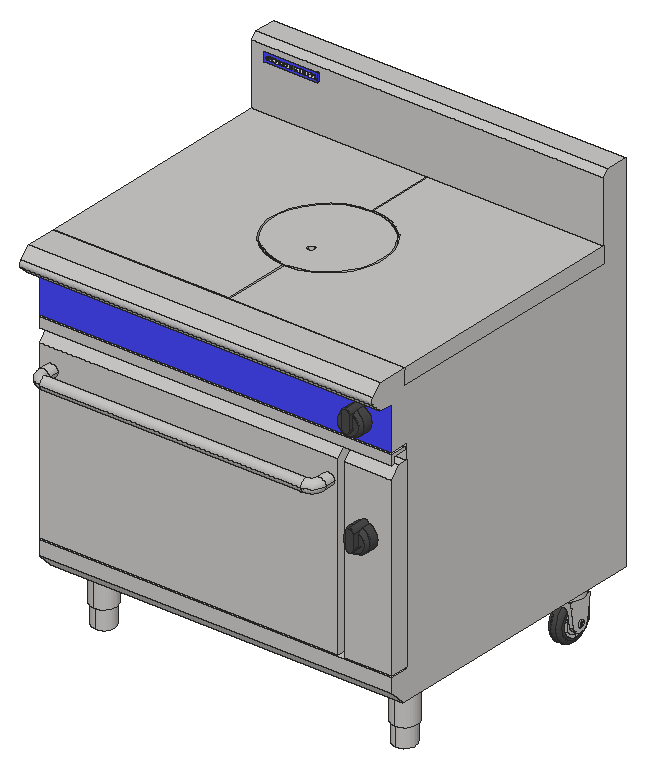
Revit family "QF_MOFFAT_BLUESEAL_CE_G570", category Specialty Equipment, Revit 2012
Parameters
  Width = 900 mm
  Weight in Pounds = 570
  URL Cutsheet = "www.moffat.com"
  URL = "www.moffat.com"
  Type Mark [instance] = ""
  Status [instance] = ""
  Specification by User [instance] = ""
  Specification by Manufacturer = ""
  Show Logo [instance] = yes
  Show Clearance [instance] = yes
  Show Casters [instance] = yes
  Serial Number = ""
  Seismic Rating = ""
  SMACNA No = ""
  Revision Code [instance] = ""
  Omniclass Number and Title = ""
  NAFEM Spec ID Number = ""
  Model = "G570"
  Mechanical Remarks = ""
  Mechanical Connection Type [instance] = ""
  Masterspec = ""
  Manufacturer = "MOFFAT BLUESEAL"
  Legs [instance] = not(Show Casters)  # no
  Item Number [instance] = ""
  Installed By [instance] = ""
  Identify Quantity as Lot [instance] = yes
  Height = 1085 mm
  Gas Size = 3/4"
  Gas RI Height [instance] = 0 mm
  Gas KW [instance] = 21.5
  Gas Input [instance] = 72500.0 Btu/h
  Gas Connection Height = 0 mm
  Furnished By [instance] = ""
  Foodservice Equipment Identifier [instance] = yes
  Description = "900MM GAS HOB TARGET TOP RANGE WITH STATIC OVEN"
  Depth = 812 mm
  CSI MasterFormat = ""
  CSI Master Format = ""
Reference planes
  plane 1 "BACK": y = 0
  plane 2: z = 0
  plane 3 "LEFT": x = 0
  plane 4 "RIGHT": x = 900
  plane 5 "FRONT": y = -812
  plane 6 "TOP": z = 970
  plane 7 "Center Y": x = 450
  plane 8 "Center X": y = -406
  plane 9: x = 280
  plane 10: y = -574.272
  plane 11: x = 60
  plane 12: y = -304.972
  plane 13: y = -364.972
  plane 14: x = 74
  plane 15: x = 834.5
  plane 16: y = -32
  plane 17: z = 655
  plane 18: z = 1085
Forms (mm)
  Extrusion 1, solid, material "QF_Finishes_Stainless Steel"
    sketch origin (0, 0, 0) x (0, 1, 0) y (0, 0, 1)
      loop
        line (0, 1085) -> (-57, 1085) -> (-70, 1072) -> (-70, 875) -> (-705, 875) -> (-705, 915) -> (-783.97, 915) -> (-808.503, 890.467)
        arc (-808.503, 890.467) -> (-812.01, 882) -> (-808.503, 873.533) r 11.974
        line (-808.503, 873.533) -> (-784.97, 850) -> (-749, 850) -> (-749, 740) -> (-699, 740) -> (-699, 222.5) -> (-749, 222.5) -> (-749, 186) -> (-713, 150) -> (0, 150) -> (0, 1085)
      loop
        line (-749, 710) -> (-740.224, 710) -> (-742.613, 726.999) -> (-707.93, 726.999) -> (-707.93, 734.003) -> (-749, 734.003) -> (-749, 710)
    from 0 to 900
  Extrusion 2, solid, material "QF_Finishes_Stainless Steel"
    sketch origin (0, 0, 0) x (0, 1, 0) y (0, 0, 1)
      loop
        line (-70, 915) -> (-705, 915) -> (-705, 875) -> (-70, 875) -> (-70, 915)
    from 0 to 900
  Revolve 3, solid, material "QF_Finishes_Black"
    sketch origin (824.351, 45.874, 0) x (0, 1, 0) y (0, 0, 1)
      loop
        line (-827.874, 829.5) -> (-838.874, 823.651) -> (-838.874, 797) -> (-794.874, 797) -> (-794.874, 802) -> (-804.874, 802) -> (-804.874, 829.5) -> (-827.874, 829.5)
      axis (-838.874, 797) -> (-794.874, 797)
    angle from 0 to 360
  Extrusion 4, solid, material "QF_Finishes_Black"
    sketch origin (676.544, 7, 0) x (1, 0, 0) y (0, 0, 1)
      loop
        line (158.3, 789) -> (158.3, 824)
        arc (158.3, 824) -> (148.3, 834) -> (138.3, 824) r 10
        line (138.3, 824) -> (138.3, 789)
        arc (138.3, 789) -> (148.3, 779) -> (158.3, 789) r 10
    from 759 to 808
  Extrusion 5, void
    sketch origin (0, -72.734, 915) x (1, 0, 0) y (0, -1, 0)
      loop
        line (447.967, 173.281) -> (447.967, -2.734) -> (452.2, -2.734) -> (452.2, 173.283)
        arc (452.2, 173.283) -> (592.5, 315.967) -> (451.798, 458.255) r 142.5
        line (451.798, 458.255) -> (451.798, 632.266) -> (447.7, 632.266) -> (447.7, 458.248)
        arc (447.7, 458.248) -> (307.5, 315.632) -> (447.967, 173.281) r 142.5
      loop
        circle (450, 315.766) r 138
      loop
        circle (450, 370.766) r 8.75
    from 0 to 10
  Revolve 6, solid, material "QF_Finishes_Stainless Steel"
    sketch origin (834.5, -696.126, 0) x (0, 1, 0) y (0, 0, -1)
      loop
        line (39.376, -150) -> (71.126, -150) -> (71.126, 0) -> (43.626, 0) -> (43.626, -50) -> (39.376, -50) -> (39.376, -150)
      axis (71.126, -150) -> (71.126, 0)
    angle from 0 to 360
  Revolve 7, solid, material "QF_Finishes_Stainless Steel"
    sketch origin (65.5, -696.126, 0) x (0, 1, 0) y (0, 0, 1)
      loop
        line (39.376, 150) -> (39.376, 50) -> (43.626, 50) -> (43.626, 0) -> (71.126, 0) -> (71.126, 150) -> (39.376, 150)
      axis (71.126, 150) -> (71.126, 0)
    angle from 0 to 360
  Extrusion 8, solid, material "QF_Finishes_Stainless Steel"
    sketch origin (-64.5, 0, 325) x (1, 0, 0) y (0, 1, 0)
      loop
        circle (834.5, -32) r 10
    from 330 to 411.219
  Extrusion 9, solid, material "QF_Finishes_Stainless Steel", visible <- "Show Casters"
    sketch origin (71.501, 133.353, -8.783) x (0, 1, 0) y (0, 0, 1)
      loop
        line (-201.603, 118.783) -> (-265.103, 118.783) -> (-252.746, 53.895)
        arc (-252.746, 53.895) -> (-233.353, 38.783) -> (-213.959, 53.895) r 20
        line (-213.959, 53.895) -> (-201.603, 118.783)
    from -35.667 to 22.923
  Revolve 10, solid, material "QF_Finishes_Stainless Steel", visible <- "Show Casters"
    sketch origin (65, -203, 0) x (0, 1, 0) y (0, 0, 1)
      loop
        line (67.25, 150) -> (67.25, 110) -> (103, 110) -> (103, 150) -> (67.25, 150)
      axis (103, 150) -> (103, 110)
    angle from 0 to 360
  Revolve 11, solid, material "QF_Finishes_Stainless Steel", visible <- "Show Casters"
    sketch origin (834.5, -203, 0) x (0, 1, 0) y (0, 0, -1)
      loop
        line (67.25, -150) -> (103, -150) -> (103, -110) -> (67.25, -110) -> (67.25, -150)
      axis (103, -150) -> (103, -110)
    angle from 0 to 360
  Revolve 12, solid, material "QF_Finishes_Stainless Steel", visible <- "Show Casters"
    sketch origin (785.276, -99.755, -13.653) x (1, 0, 0) y (0, 0, 1)
      loop
        line (14.841, 64.453) -> (83.584, 64.453) -> (83.584, 67.958) -> (82.314, 69.228) -> (80.79, 69.228) -> (80.79, 72.674) -> (68.644, 72.674) -> (68.644, 82.639) -> (65.088, 84.692) -> (63.738, 93.028) -> (65.881, 93.028) -> (65.881, 99.378) -> (65.088, 99.378) -> (65.088, 105.728)
        arc (65.088, 105.728) -> (62.298, 112.463) -> (55.563, 115.253) r 9.525
        line (55.563, 115.253) -> (42.863, 115.253)
        arc (42.863, 115.253) -> (36.127, 112.463) -> (33.338, 105.728) r 9.525
        line (33.338, 105.728) -> (33.338, 99.378) -> (32.544, 99.378) -> (32.544, 93.028) -> (34.687, 93.028) -> (33.352, 84.781) -> (29.782, 82.719) -> (29.782, 72.674) -> (17.635, 72.674) -> (17.635, 69.228) -> (16.111, 69.228) -> (14.841, 67.958) -> (14.841, 64.453)
      axis (14.841, 64.453) -> (83.584, 64.453)
    angle from 0 to 360
  Extrusion 13, solid, material "QF_Finishes_Stainless Steel", visible <- "Show Casters"
    sketch origin (841.001, 133.353, -8.783) x (0, 1, 0) y (0, 0, 1)
      loop
        line (-201.603, 118.783) -> (-265.103, 118.783) -> (-252.746, 53.895)
        arc (-252.746, 53.895) -> (-233.353, 38.783) -> (-213.959, 53.895) r 20
        line (-213.959, 53.895) -> (-201.603, 118.783)
    from -35.667 to 22.923
  Revolve 14, solid, material "QF_Finishes_Stainless Steel", visible <- "Legs"
    sketch origin (65, -165, 0) x (0, 1, 0) y (0, 0, 1)
      loop
        line (33.25, 150) -> (33.25, 50) -> (37.5, 50) -> (37.5, 0) -> (65, 0) -> (65, 150) -> (33.25, 150)
      axis (65, 150) -> (65, 0)
    angle from 0 to 360
  Revolve 15, solid, material "QF_Finishes_Stainless Steel", visible <- "Legs"
    sketch origin (834.5, -165, 0) x (0, 1, 0) y (0, 0, -1)
      loop
        line (33.25, -150) -> (65, -150) -> (65, 0) -> (37.5, 0) -> (37.5, -50) -> (33.25, -50) -> (33.25, -150)
      axis (65, -150) -> (65, 0)
    angle from 0 to 360
  Revolve 16, solid, material "QF_Finishes_Stainless Steel", visible <- "Show Casters"
    sketch origin (114.224, -99.755, -13.653) x (-1, 0, 0) y (0, 0, -1)
      loop
        line (14.841, -64.453) -> (14.841, -67.958) -> (16.111, -69.228) -> (17.635, -69.228) -> (17.635, -72.674) -> (29.782, -72.674) -> (29.782, -82.719) -> (33.352, -84.781) -> (34.687, -93.028) -> (32.544, -93.028) -> (32.544, -99.378) -> (33.338, -99.378) -> (33.338, -105.728)
        arc (33.338, -105.728) -> (36.127, -112.463) -> (42.863, -115.253) r 9.525
        line (42.863, -115.253) -> (55.563, -115.253)
        arc (55.563, -115.253) -> (62.298, -112.463) -> (65.088, -105.728) r 9.525
        line (65.088, -105.728) -> (65.088, -99.378) -> (65.881, -99.378) -> (65.881, -93.028) -> (63.738, -93.028) -> (65.088, -84.692) -> (68.644, -82.639) -> (68.644, -72.674) -> (80.79, -72.674) -> (80.79, -69.228) -> (82.314, -69.228) -> (83.584, -67.958) -> (83.584, -64.453) -> (14.841, -64.453)
      axis (14.841, -64.453) -> (83.584, -64.453)
    angle from 0 to 360
  Extrusion 17, void
    sketch origin (0, 0, 0) x (1, 0, 0) y (0, 1, 0)
      loop
        line (832.738, -87.26) -> (832.738, 30.24) -> (703.238, 30.24) -> (703.238, -38.76) -> (751.738, -87.26) -> (832.738, -87.26)
    from 200 to 736.219
  Extrusion 18, solid, material "QF_Finishes_Stainless Steel"
    sketch origin (723.5, 0, 0) x (0, 1, 0) y (0, 0, 1)
      loop
        line (-699, 700) -> (-725, 700) -> (-749, 676) -> (-749, 227.5) -> (-699, 227.5) -> (-699, 700)
    from 56.898 to 176.5
  Sweep 19, solid, material "QF_Finishes_Stainless Steel"
    path origin (0, -690.875, 633.125) x (0, -1, 0) y (1, 0, 0)
      loop
        line (50, 31.371) -> (86, 31.371)
        arc (86, 31.371) -> (100.142, 37.229) -> (106, 51.371) r 20
        line (106, 51.371) -> (106, 719.041)
        arc (106, 719.041) -> (100.142, 733.183) -> (86, 739.041) r 20
        line (86, 739.041) -> (50, 739.041)
    profile origin (385.206, -796.875, 633.125) x (0, 1, 0) y (0, 0, 1)
      loop
        circle (0, -10) r 15
  Revolve 20, solid, material "QF_Finishes_Black"
    sketch origin (839.351, 38.874, -263.868) x (0, 1, 0) y (0, 0, 1)
      loop
        line (-820.874, 829.5) -> (-831.874, 823.651) -> (-831.874, 797) -> (-787.874, 797) -> (-787.874, 802) -> (-797.874, 802) -> (-797.874, 829.5) -> (-820.874, 829.5)
      axis (-831.874, 797) -> (-787.874, 797)
    angle from 0 to 360
  Extrusion 21, solid, material "QF_Finishes_Black"
    sketch origin (691.544, 0, -263.868) x (1, 0, 0) y (0, 0, 1)
      loop
        line (158.3, 789) -> (158.3, 824)
        arc (158.3, 824) -> (148.3, 834) -> (138.3, 824) r 10
        line (138.3, 824) -> (138.3, 789)
        arc (138.3, 789) -> (148.3, 779) -> (158.3, 789) r 10
    from 759 to 808
  Extrusion 22, solid, material "QF_Door-Drawer Clearances", visible <- "Show Clearance", detail levels coarse
    sketch origin (0, 0, 0) x (0, -1, 0) y (0, 0, 1)
      loop
        line (749, 697.347) -> (749, 227.5) -> (1218.847, 227.5)
        arc (1218.847, 227.5) -> (1081.232, 559.732) -> (749, 697.347) r 469.847
    from 0 to -762.865
  Extrusion 23, solid, material "QF_Finishes_Stainless Steel"
    sketch origin (0, 0, 0) x (0, 1, 0) y (0, 0, 1)
      loop
        line (-699, 700) -> (-725, 700) -> (-749, 676) -> (-749, 227.5) -> (-699, 227.5) -> (-699, 700)
    from 0 to 762.865
Cuts and joins
  Extrusion 5, Extrusion 17 cuts Extrusion 1
  Extrusion 5 cuts Extrusion 2
  joined: Extrusion 18, Sweep 19, Extrusion 23
Lines and regions (mm)
  Split face 1
    outline origin (900, 0, 1085) x (-1, 0, 0) y (0, -1, 0)
      loop
        arc (856, 18.185) -> (864.66, 23.185) -> (864.66, 33.185) r 10
        line (864.66, 33.185) -> (860.619, 40.185)
        arc (860.619, 40.185) -> (856.959, 43.846) -> (851.959, 45.185) r 10
        line (851.959, 45.185) -> (624, 45.185)
        arc (624, 45.185) -> (615.34, 40.185) -> (615.34, 30.185) r 10
        line (615.34, 30.185) -> (619.381, 23.185)
        arc (619.381, 23.185) -> (623.041, 19.525) -> (628.041, 18.185) r 10
        line (628.041, 18.185) -> (856, 18.185)
  Split face 2
    outline origin (900, 0, 1085) x (-1, 0, 0) y (0, -1, 0)
      loop
        arc (566, 18.185) -> (574.66, 23.185) -> (574.66, 33.185) r 10
        line (574.66, 33.185) -> (570.619, 40.185)
        arc (570.619, 40.185) -> (566.959, 43.846) -> (561.959, 45.185) r 10
        line (561.959, 45.185) -> (334, 45.185)
        arc (334, 45.185) -> (325.34, 40.185) -> (325.34, 30.185) r 10
        line (325.34, 30.185) -> (329.381, 23.185)
        arc (329.381, 23.185) -> (333.041, 19.525) -> (338.041, 18.185) r 10
        line (338.041, 18.185) -> (566, 18.185)
  Split face 3
    outline origin (900, 0, 1085) x (-1, 0, 0) y (0, -1, 0)
      loop
        arc (276, 18.185) -> (284.66, 23.185) -> (284.66, 33.185) r 10
        line (284.66, 33.185) -> (280.619, 40.185)
        arc (280.619, 40.185) -> (276.959, 43.846) -> (271.959, 45.185) r 10
        line (271.959, 45.185) -> (44, 45.185)
        arc (44, 45.185) -> (35.34, 40.185) -> (35.34, 30.185) r 10
        line (35.34, 30.185) -> (39.381, 23.185)
        arc (39.381, 23.185) -> (43.041, 19.525) -> (48.041, 18.185) r 10
        line (48.041, 18.185) -> (276, 18.185)
  Split face 4
    outline origin (738.5, -749, 676) x (0, 0, -1) y (1, 0, 0)
      loop
        circle (241.026, 102.765) r 12
  symbolic lines
    curve 1: line (0, 0, 0) -> (0, -812, 0)
    curve 2: line (900, 0, 0) -> (0, 0, 0)
    curve 3: line (900, -812, 0) -> (900, 0, 0)
    curve 4: line (0, -70, 0) -> (900, -70, 0)
    curve 5: line (900, -812, 0) -> (0, -812, 0)
    curve 6: line (447.967, -72.734, 0) -> (447.967, -246.014, 0)
    curve 7: line (452.2, -246.017, 0) -> (452.2, -72.734, 0)
    curve 8: line (451.798, -705, 0) -> (451.798, -530.989, 0)
    curve 9: line (447.7, -530.981, 0) -> (447.7, -705, 0)
    curve 10: line (900, -72.734, 0) -> (0, -72.734, 0)
    curve 11: line (0, -705, 0) -> (900, -705, 0)
    curve 12: arc (452.2, -246.017, 0) -> (592.5, -388.701, 0) -> (451.798, -530.989, 0) r 142.5
    curve 13: arc (447.7, -530.981, 0) -> (307.5, -388.366, 0) -> (447.967, -246.014, 0) r 142.5
    curve 14: circle (450, -388.5, 0) r 138 normal (0, 0, 1)
    curve 15: arc (458.75, -443.5, 0) -> (450, -452.25, 0) -> (441.25, -443.5, 0) r 8.75
    curve 16: arc (441.25, -443.5, 0) -> (450, -434.75, 0) -> (458.75, -443.5, 0) r 8.75
    curve 17: line (900, -57, 0) -> (0, -57, 0)
    curve 18: line (276, -45.185, 0) -> (48.041, -45.185, 0)
    curve 19: arc (48.041, -45.185, 0) -> (43.041, -43.846, 0) -> (39.381, -40.185, 0) r 10
    curve 20: line (39.381, -40.185, 0) -> (35.34, -33.185, 0)
    curve 21: arc (35.34, -33.185, 0) -> (35.34, -23.185, 0) -> (44, -18.185, 0) r 10
    curve 22: line (44, -18.185, 0) -> (271.959, -18.185, 0)
    curve 23: arc (271.959, -18.185, 0) -> (276.959, -19.525, 0) -> (280.619, -23.185, 0) r 10
    curve 24: line (280.619, -23.185, 0) -> (284.66, -30.185, 0)
    curve 25: arc (284.66, -30.185, 0) -> (284.66, -40.185, 0) -> (276, -45.185, 0) r 10
    curve 26: line (566, -45.185, 0) -> (338.041, -45.185, 0)
    curve 27: arc (338.041, -45.185, 0) -> (333.041, -43.846, 0) -> (329.381, -40.185, 0) r 10
    curve 28: line (329.381, -40.185, 0) -> (325.34, -33.185, 0)
    curve 29: arc (325.34, -33.185, 0) -> (325.34, -23.185, 0) -> (334, -18.185, 0) r 10
    curve 30: line (334, -18.185, 0) -> (561.959, -18.185, 0)
    curve 31: arc (561.959, -18.185, 0) -> (566.959, -19.525, 0) -> (570.619, -23.185, 0) r 10
    curve 32: line (570.619, -23.185, 0) -> (574.66, -30.185, 0)
    curve 33: arc (574.66, -30.185, 0) -> (574.66, -40.185, 0) -> (566, -45.185, 0) r 10
    curve 34: line (856, -45.185, 0) -> (628.041, -45.185, 0)
    curve 35: arc (628.041, -45.185, 0) -> (623.041, -43.846, 0) -> (619.381, -40.185, 0) r 10
    curve 36: line (619.381, -40.185, 0) -> (615.34, -33.185, 0)
    curve 37: arc (615.34, -33.185, 0) -> (615.34, -23.185, 0) -> (624, -18.185, 0) r 10
    curve 38: line (624, -18.185, 0) -> (851.959, -18.185, 0)
    curve 39: arc (851.959, -18.185, 0) -> (856.959, -19.525, 0) -> (860.619, -23.185, 0) r 10
    curve 40: line (860.619, -23.185, 0) -> (864.66, -30.185, 0)
    curve 41: arc (864.66, -30.185, 0) -> (864.66, -40.185, 0) -> (856, -45.185, 0) r 10
    curve 42: line (0, -783.97, 0) -> (900, -783.97, 0)
  symbolic lines, style "QF_Door-Drawer Clearances"
    curve 43: line (0, -1218.847, 0) -> (0, -812, 0)
    curve 44: line (762.865, -812, 0) -> (762.865, -1218.847, 0)
    curve 45: line (762.865, -1218.847, 0) -> (0, -1218.847, 0)
Dimensions and locks
  equal spacing: plane 3 "LEFT", plane 7 "Center Y", plane 4 "RIGHT"
  "Width": plane 3 "LEFT" to plane 4 "RIGHT"
  equal spacing: plane 5 "FRONT", plane 8 "Center X", plane 1 "BACK"
  "Depth": plane 5 "FRONT" to plane 1 "BACK"
  equal spacing: plane 4 "RIGHT", plane 7 "Center Y", plane 3 "LEFT"
  plane 4 "RIGHT" to plane 3 "LEFT" = 900 mm
  plane 5 "FRONT" to plane 1 "BACK" = 812 mm
  plane 10 to plane 1 "BACK" = 574.272 mm
  plane 12 to plane 1 "BACK" = 304.972 mm  (x2)
  plane 11 to plane 3 "LEFT" = 60 mm
  plane 14 to plane 3 "LEFT" = 74 mm
  plane 9 to plane 3 "LEFT" = 280 mm
  plane 6 "TOP" to plane 2 = 970 mm
  plane 17 to level = 655 mm
  Revolve 12 sketch curve to Revolve 12 sketch curve = 50.8 mm
  Revolve 16 sketch curve to Revolve 16 sketch curve = 50.8 mm
  plane 18 to level = 1085 mm  (x2)
  aligned and locked: level to plane 2
  aligned and locked: curve 3 to plane 4 "RIGHT"
  aligned and locked: Extrusion 1 to Extrusion 2  (x2)
Automatic sketch dimensions
  Extrusion 2 sketch curve to plane 5 "FRONT" = 107 mm
  Extrusion 2 sketch curve to plane 16 = 38 mm
  plane 17 to Extrusion 2 sketch curve = 220 mm
  Extrusion 2 sketch curve to Extrusion 2 sketch curve = 40 mm
  Revolve 3 sketch curve to plane 5 "FRONT" = 19 mm
  Revolve 3 sketch curve to Revolve 3 sketch curve = 0 mm  (x2)
  Revolve 3 sketch curve to Revolve 3 sketch curve = 11 mm
  Revolve 3 sketch curve to Revolve 3 sketch curve = 12.7 mm
  Revolve 3 sketch curve to Revolve 3 sketch curve = 23 mm
  Revolve 3 sketch curve to Revolve 3 sketch curve = 10 mm
  plane 17 to Revolve 3 sketch curve = 142 mm
  Revolve 3 sketch curve to Revolve 3 sketch curve = 5 mm
  Revolve 3 sketch curve to Revolve 3 sketch curve = 26.651 mm
  Revolve 3 sketch curve to Revolve 3 sketch curve = 5.849 mm
  Extrusion 4 sketch curve to plane 15 = 19.656 mm
  Extrusion 4 sketch curve to plane 15 = 9.656 mm
  plane 17 to Extrusion 4 sketch curve = 134 mm
  Extrusion 4 sketch curve to Extrusion 4 sketch curve = 35 mm
  Extrusion 8 sketch curve to plane 16 = 0 mm
  Revolve 7 sketch curve to level = 0 mm
  Revolve 7 sketch curve to Revolve 7 sketch curve = 4.25 mm
  Revolve 7 sketch curve to Revolve 7 sketch curve = 27.5 mm
  Revolve 7 sketch curve to plane 10 = 50.728 mm  (x2)
  Revolve 7 sketch curve to level = 55 mm
  Revolve 7 sketch curve to Revolve 7 sketch curve = 50 mm
  Revolve 7 sketch curve to Revolve 7 sketch curve = 0 mm
  Revolve 7 sketch curve to Revolve 7 sketch curve = 100 mm
  Revolve 6 sketch curve to level = 0 mm
  Revolve 6 sketch curve to Revolve 6 sketch curve = 4.25 mm
  Revolve 6 sketch curve to Revolve 6 sketch curve = 27.5 mm
  Revolve 6 sketch curve to plane 10 = 50.728 mm  (x2)
  level to Revolve 6 sketch curve = 50 mm
  Revolve 6 sketch curve to Revolve 6 sketch curve = 0 mm
  Revolve 6 sketch curve to Revolve 6 sketch curve = 55 mm
  Extrusion 5 sketch curve to Extrusion 5 sketch curve = 0 mm  (x4)
  Extrusion 5 sketch curve to Extrusion 2 = 0 mm
  Extrusion 2 to Extrusion 5 sketch curve = 0 mm
  Extrusion 2 to Extrusion 5 sketch curve = 174.019 mm
  Extrusion 2 to Extrusion 5 sketch curve = 447.7 mm
  Extrusion 5 sketch curve to Extrusion 5 sketch curve = 4.098 mm
  Extrusion 5 sketch curve to Extrusion 5 sketch curve = 4.232 mm
  Extrusion 5 sketch curve to Extrusion 5 sketch curve = 0.007 mm
  Extrusion 5 sketch curve to Extrusion 5 sketch curve = 4.481 mm
  Extrusion 5 sketch curve to Extrusion 5 sketch curve = 138 mm
  Extrusion 2 to Extrusion 5 sketch curve = 447.967 mm
  Extrusion 5 sketch curve to Extrusion 5 sketch curve = 2.3 mm
  Extrusion 8 sketch curve to plane 15 = 64.5 mm
  cut or joined group of Extrusion 1, Extrusion 5, Extrusion 17 to Split face 1 sketch curve = 26.815 mm
  Split face 1 sketch curve to cut or joined group of Extrusion 1, Extrusion 5, Extrusion 17 = 284.66 mm
  Split face 1 sketch curve to Split face 1 sketch curve = 4.041 mm  (x4)
  Split face 1 sketch curve to Split face 1 sketch curve = 8.66 mm  (x2)
  cut or joined group of Extrusion 1, Extrusion 5, Extrusion 17 to Split face 1 sketch curve = 11.815 mm
  Split face 1 sketch curve to cut or joined group of Extrusion 1, Extrusion 5, Extrusion 17 = 48.041 mm
  Split face 1 sketch curve to Split face 1 sketch curve = 7 mm  (x3)
  Split face 1 sketch curve to Split face 1 sketch curve = 17 mm
  cut or joined group of Extrusion 1, Extrusion 5, Extrusion 17 to Split face 2 sketch curve = 26.815 mm
  Split face 2 sketch curve to cut or joined group of Extrusion 1, Extrusion 5, Extrusion 17 = 325.34 mm
  Split face 2 sketch curve to Split face 2 sketch curve = 4.041 mm  (x4)
  Split face 2 sketch curve to Split face 2 sketch curve = 8.66 mm  (x2)
  cut or joined group of Extrusion 1, Extrusion 5, Extrusion 17 to Split face 2 sketch curve = 11.815 mm
  Split face 2 sketch curve to Split face 2 sketch curve = 223.917 mm
  Split face 2 sketch curve to Split face 2 sketch curve = 7 mm  (x3)
  Split face 2 sketch curve to Split face 2 sketch curve = 17 mm
  Split face 3 sketch curve to cut or joined group of Extrusion 1, Extrusion 5, Extrusion 17 = 35.34 mm
  Split face 3 sketch curve to Split face 3 sketch curve = 4.041 mm  (x4)
  Split face 3 sketch curve to Split face 3 sketch curve = 8.66 mm  (x2)
  cut or joined group of Extrusion 1, Extrusion 5, Extrusion 17 to Split face 3 sketch curve = 11.815 mm
  Split face 3 sketch curve to Split face 3 sketch curve = 223.917 mm
  Split face 3 sketch curve to Split face 3 sketch curve = 5 mm
  Split face 3 sketch curve to Split face 3 sketch curve = 10 mm
  Split face 3 sketch curve to Split face 3 sketch curve = 7 mm  (x3)
  Extrusion 9 sketch curve to plane 16 = 99.75 mm
  Extrusion 9 sketch curve to Extrusion 9 sketch curve = 12.357 mm
  Extrusion 9 sketch curve to Extrusion 9 sketch curve = 19.393 mm  (x2)
  level to Extrusion 9 sketch curve = 45.111 mm
  Extrusion 9 sketch curve to plane 16 = 36.25 mm
  Extrusion 9 sketch curve to Extrusion 9 sketch curve = 4.889 mm
  Extrusion 9 sketch curve to Extrusion 9 sketch curve = 64.889 mm
  Revolve 10 sketch curve to plane 16 = 103.75 mm
  Revolve 10 sketch curve to plane 16 = 68 mm
  Revolve 10 sketch curve to Revolve 10 sketch curve = 35.75 mm
  Revolve 10 sketch curve to level = 55 mm
  level to Revolve 10 sketch curve = 50 mm
  Revolve 10 sketch curve to Revolve 10 sketch curve = 60 mm
  Revolve 10 sketch curve to Revolve 10 sketch curve = 40 mm
  Revolve 11 sketch curve to plane 16 = 103.75 mm
  Revolve 11 sketch curve to plane 16 = 68 mm
  Revolve 11 sketch curve to Revolve 11 sketch curve = 35.75 mm
  level to Revolve 11 sketch curve = 150 mm
  Revolve 11 sketch curve to Revolve 11 sketch curve = 40 mm
  level to Revolve 11 sketch curve = 50 mm
  Revolve 11 sketch curve to level = 55 mm
  Revolve 12 sketch curve to plane 15 = 34.382 mm
  Revolve 12 sketch curve to Revolve 12 sketch curve = 1.27 mm  (x4)
  Revolve 12 sketch curve to Revolve 12 sketch curve = 1.524 mm  (x2)
  Revolve 12 sketch curve to Revolve 12 sketch curve = 12.146 mm  (x2)
  Revolve 12 sketch curve to plane 15 = 16.68 mm
  Revolve 12 sketch curve to Revolve 12 sketch curve = 0.794 mm  (x2)
  Revolve 12 sketch curve to Revolve 12 sketch curve = 3.57 mm
  Revolve 12 sketch curve to Revolve 12 sketch curve = 2.143 mm
  Revolve 12 sketch curve to plane 15 = 6.361 mm
  plane 15 to Revolve 12 sketch curve = 5.13 mm
  plane 15 to Revolve 12 sketch curve = 6.339 mm
  plane 15 to Revolve 12 sketch curve = 14.515 mm
  Revolve 12 sketch curve to Revolve 12 sketch curve = 1.349 mm  (x2)
  Revolve 12 sketch curve to Revolve 12 sketch curve = 3.556 mm
  Revolve 12 sketch curve to plane 4 "RIGHT" = 2.18 mm
  level to Revolve 12 sketch curve = 50.8 mm
  Revolve 12 sketch curve to Revolve 12 sketch curve = 0 mm
  Revolve 12 sketch curve to Revolve 12 sketch curve = 3.505 mm  (x2)
  Revolve 12 sketch curve to Revolve 12 sketch curve = 3.447 mm  (x2)
  Revolve 12 sketch curve to Revolve 12 sketch curve = 9.964 mm
  Revolve 12 sketch curve to Revolve 12 sketch curve = 10.045 mm
  Revolve 12 sketch curve to Revolve 12 sketch curve = 2.053 mm
  Revolve 12 sketch curve to Revolve 12 sketch curve = 2.061 mm
  Revolve 12 sketch curve to Revolve 12 sketch curve = 8.247 mm
  Revolve 12 sketch curve to Revolve 12 sketch curve = 8.336 mm
  Revolve 12 sketch curve to Revolve 12 sketch curve = 6.35 mm  (x2)
  Extrusion 13 sketch curve to plane 16 = 99.75 mm
  Extrusion 13 sketch curve to Extrusion 13 sketch curve = 12.357 mm
  Extrusion 13 sketch curve to Extrusion 13 sketch curve = 19.393 mm  (x2)
  level to Extrusion 13 sketch curve = 45.111 mm
  Extrusion 13 sketch curve to plane 16 = 36.25 mm
  Extrusion 13 sketch curve to Extrusion 13 sketch curve = 4.889 mm
  Extrusion 13 sketch curve to Extrusion 13 sketch curve = 64.889 mm
  Revolve 14 sketch curve to level = 0 mm
  Revolve 14 sketch curve to plane 16 = 99.75 mm
  Revolve 14 sketch curve to Revolve 14 sketch curve = 4.25 mm
  Revolve 14 sketch curve to Revolve 14 sketch curve = 27.5 mm  (x2)
  Revolve 14 sketch curve to level = 55 mm
  Revolve 14 sketch curve to Revolve 14 sketch curve = 50 mm
  Revolve 14 sketch curve to Revolve 14 sketch curve = 0 mm
  Revolve 14 sketch curve to Revolve 14 sketch curve = 100 mm
  Revolve 15 sketch curve to level = 0 mm
  Revolve 15 sketch curve to plane 16 = 99.75 mm
  Revolve 15 sketch curve to Revolve 15 sketch curve = 4.25 mm
  Revolve 15 sketch curve to Revolve 15 sketch curve = 27.5 mm  (x2)
  level to Revolve 15 sketch curve = 50 mm
  Revolve 15 sketch curve to Revolve 15 sketch curve = 0 mm
  Revolve 15 sketch curve to Revolve 15 sketch curve = 100 mm
  Revolve 15 sketch curve to Revolve 15 sketch curve = 55 mm
  plane 14 to Revolve 16 sketch curve = 25.382 mm
  Revolve 16 sketch curve to Revolve 16 sketch curve = 1.27 mm  (x4)
  Revolve 16 sketch curve to Revolve 16 sketch curve = 1.524 mm  (x2)
  plane 14 to Revolve 16 sketch curve = 10.442 mm
  plane 14 to Revolve 16 sketch curve = 7.68 mm
  Revolve 16 sketch curve to Revolve 16 sketch curve = 0.794 mm  (x2)
  Revolve 16 sketch curve to Revolve 16 sketch curve = 3.57 mm
  Revolve 16 sketch curve to Revolve 16 sketch curve = 2.143 mm
  Revolve 16 sketch curve to plane 14 = 2.639 mm
  Revolve 16 sketch curve to plane 11 = 0.13 mm
  Revolve 16 sketch curve to plane 11 = 1.339 mm
  Revolve 16 sketch curve to plane 11 = 9.515 mm
  Revolve 16 sketch curve to Revolve 16 sketch curve = 1.349 mm  (x2)
  Revolve 16 sketch curve to Revolve 16 sketch curve = 3.556 mm
  Revolve 16 sketch curve to Revolve 16 sketch curve = 12.146 mm
  Revolve 16 sketch curve to plane 3 "LEFT" = 2.68 mm
  level to Revolve 16 sketch curve = 101.6 mm
  Revolve 16 sketch curve to Revolve 16 sketch curve = 6.35 mm  (x4)
  Revolve 16 sketch curve to Revolve 16 sketch curve = 8.247 mm
  Revolve 16 sketch curve to Revolve 16 sketch curve = 8.336 mm
  Revolve 16 sketch curve to Revolve 16 sketch curve = 2.061 mm
  Revolve 16 sketch curve to Revolve 16 sketch curve = 2.053 mm
  Revolve 16 sketch curve to Revolve 16 sketch curve = 10.045 mm
  Revolve 16 sketch curve to Revolve 16 sketch curve = 9.964 mm
  Revolve 16 sketch curve to Revolve 16 sketch curve = 3.447 mm  (x2)
  Revolve 16 sketch curve to Revolve 16 sketch curve = 3.505 mm
  Revolve 6 sketch curve to Revolve 6 sketch curve = 100 mm
  plane 18 to Extrusion 1 sketch curve = 0 mm
  Extrusion 1 sketch curve to plane 16 = 25 mm
  plane 18 to Extrusion 1 sketch curve = 13 mm
  Extrusion 1 sketch curve to Extrusion 1 sketch curve = 13 mm
  Extrusion 1 sketch curve to plane 5 "FRONT" = 107 mm
  Extrusion 1 sketch curve to Extrusion 1 sketch curve = 32.294 mm
  Extrusion 1 sketch curve to Extrusion 1 sketch curve = 2.389 mm
  Extrusion 1 sketch curve to Extrusion 1 sketch curve = 8.776 mm
  Extrusion 1 sketch curve to Extrusion 1 sketch curve = 0 mm
  Extrusion 1 sketch curve to plane 5 "FRONT" = 28.03 mm
  Extrusion 1 sketch curve to plane 5 "FRONT" = 27.03 mm
  Extrusion 1 sketch curve to plane 5 "FRONT" = 11.964 mm
  Extrusion 1 sketch curve to plane 5 "FRONT" = 3.497 mm  (x2)
  Extrusion 1 sketch curve to Extrusion 1 sketch curve = 16.999 mm
  Extrusion 1 sketch curve to Extrusion 1 sketch curve = 7.004 mm
  Extrusion 1 sketch curve to Extrusion 1 sketch curve = 23.533 mm
  Extrusion 1 sketch curve to Extrusion 1 sketch curve = 25 mm
  Extrusion 1 sketch curve to Extrusion 1 sketch curve = 8.467 mm
  Extrusion 1 sketch curve to Extrusion 1 sketch curve = 24.533 mm
  Extrusion 1 sketch curve to plane 5 "FRONT" = 63 mm
  Extrusion 1 sketch curve to Extrusion 1 sketch curve = 5.997 mm
  Extrusion 1 sketch curve to Extrusion 1 sketch curve = 110 mm
  plane 17 to Extrusion 1 sketch curve = 85 mm
  curve 12 to curve 13 = 0 mm  (x2)
  curve 12 to curve 14 = 0 mm  (x2)
  plane 1 "BACK" to curve 1 = 0 mm
  curve 1 to plane 3 "LEFT" = 0 mm
  plane 5 "FRONT" to curve 44 = 0 mm
  curve 13 to plane 7 "Center Y" = 0 mm
  curve 15 to plane 7 "Center Y" = 0 mm
  curve 20 to plane 16 = 1.185 mm
  curve 20 to plane 11 = 24.66 mm
  curve 21 to curve 19 = 4.041 mm
  curve 21 to plane 11 = 16 mm
  curve 19 to curve 19 = 8.66 mm
  curve 23 to plane 9 = 8.041 mm
  curve 25 to plane 9 = 4 mm
  plane 9 to curve 23 = 0.619 mm
  plane 16 to curve 25 = 1.815 mm
  plane 9 to curve 25 = 4.66 mm
  curve 29 to plane 16 = 1.185 mm
  curve 24 to curve 29 = 40.679 mm
  curve 29 to curve 27 = 4.041 mm
  plane 16 to curve 29 = 3.815 mm
  curve 28 to curve 29 = 8.66 mm
  curve 27 to curve 27 = 8.66 mm
  plane 7 "Center Y" to curve 44 = 312.865 mm
  curve 16 to plane 7 "Center Y" = 8.75 mm
  curve 9 to plane 7 "Center Y" = 2.3 mm
  curve 13 to plane 7 "Center Y" = 2.033 mm
  plane 7 "Center Y" to curve 8 = 1.798 mm
  plane 7 "Center Y" to curve 7 = 2.2 mm
  plane 7 "Center Y" to curve 31 = 111.959 mm
  curve 31 to curve 33 = 4.041 mm
  plane 16 to curve 32 = 8.815 mm
  curve 31 to curve 32 = 8.66 mm
  plane 16 to curve 32 = 1.815 mm
  curve 32 to curve 32 = 4.041 mm
  curve 37 to plane 16 = 1.185 mm
  curve 32 to curve 37 = 40.679 mm
  curve 36 to curve 35 = 4.041 mm
  curve 36 to curve 37 = 8.66 mm
  curve 35 to curve 34 = 8.66 mm
  plane 15 to curve 39 = 17.459 mm
  curve 39 to curve 41 = 4.041 mm  (x2)
  plane 16 to curve 40 = 8.815 mm
  curve 39 to curve 40 = 8.66 mm
  plane 16 to curve 41 = 1.815 mm
  curve 44 to curve 44 = 406.847 mm
  curve 42 to plane 5 "FRONT" = 28.03 mm
  curve 42 to curve 11 = 78.97 mm
  plane 10 to curve 8 = 43.284 mm
  curve 12 to curve 13 = 0.007 mm
  curve 16 to plane 8 "Center X" = 37.5 mm
  plane 8 "Center X" to curve 12 = 17.5 mm
  curve 10 to plane 16 = 40.734 mm
  curve 10 to curve 4 = 2.734 mm
  curve 4 to curve 17 = 13 mm
  curve 26 to plane 16 = 13.185 mm
  curve 19 to plane 16 = 13.185 mm
  curve 34 to plane 16 = 13.185 mm
  curve 28 to curve 29 = 7 mm
  curve 36 to curve 36 = 7 mm
  curve 19 to curve 21 = 7 mm
  plane 16 to curve 37 = 3.815 mm
  plane 16 to curve 21 = 3.815 mm
  plane 16 to curve 23 = 3.815 mm
  Extrusion 1 sketch curve to Extrusion 1 sketch curve = 8.93 mm
  Extrusion 1 sketch curve to Extrusion 1 sketch curve = 72.5 mm
  Extrusion 1 sketch curve to Extrusion 1 sketch curve = 36.5 mm
  Extrusion 1 sketch curve to Extrusion 1 sketch curve = 50 mm
  Extrusion 1 sketch curve to Extrusion 1 sketch curve = 36 mm
  Extrusion 1 sketch curve to plane 1 "BACK" = 0 mm
  level to Extrusion 1 sketch curve = 222.5 mm
  Extrusion 17 sketch curve to plane 1 "BACK" = 30.24 mm
  Extrusion 17 sketch curve to plane 15 = 131.262 mm
  Extrusion 17 sketch curve to Extrusion 17 sketch curve = 48.5 mm
  Extrusion 17 sketch curve to plane 15 = 1.762 mm
  Extrusion 17 sketch curve to plane 16 = 6.76 mm
  Extrusion 17 sketch curve to plane 16 = 55.26 mm
  Extrusion 18 sketch curve to Extrusion 18 sketch curve = 24 mm
  Extrusion 18 sketch curve to Extrusion 18 sketch curve = 50 mm
  level to Extrusion 18 sketch curve = 227.5 mm
  Sweep 19 sketch curve to plane 5 "FRONT" = 71.125 mm  (x2)
  Sweep 19 sketch curve to plane 11 = 28.629 mm
  Sweep 19 sketch curve to plane 5 "FRONT" = 35.125 mm  (x2)
  Sweep 19 sketch curve to plane 5 "FRONT" = 15.125 mm
  Sweep 19 sketch curve to plane 15 = 115.459 mm
  Sweep 19 sketch curve to profile plane = 0 mm
  Sweep 19 sketch curve to profile plane = 10 mm
  Split face 4 sketch curve to Extrusion 18 = 58.735 mm
  Split face 4 sketch curve to Extrusion 18 = 207.474 mm
  Revolve 20 sketch curve to plane 5 "FRONT" = 19 mm
  Revolve 20 sketch curve to Revolve 20 sketch curve = 0 mm  (x2)
  Revolve 20 sketch curve to Revolve 20 sketch curve = 11 mm
  Revolve 20 sketch curve to Revolve 20 sketch curve = 12.7 mm
  Revolve 20 sketch curve to Revolve 20 sketch curve = 23 mm
  Revolve 20 sketch curve to Revolve 20 sketch curve = 10 mm
  level to Revolve 20 sketch curve = 533.132 mm
  Revolve 20 sketch curve to Revolve 20 sketch curve = 5 mm
  Revolve 20 sketch curve to Revolve 20 sketch curve = 26.651 mm
  Revolve 20 sketch curve to Revolve 20 sketch curve = 5.849 mm
  Extrusion 21 sketch curve to plane 15 = 4.656 mm
  plane 15 to Extrusion 21 sketch curve = 5.344 mm
  level to Extrusion 21 sketch curve = 525.132 mm
  Extrusion 21 sketch curve to Extrusion 21 sketch curve = 35 mm
  Extrusion 22 sketch curve to plane 5 "FRONT" = 63 mm
  plane 5 "FRONT" to Extrusion 22 sketch curve = 406.847 mm
  level to Extrusion 22 sketch curve = 227.5 mm
  Extrusion 18 sketch curve to plane 5 "FRONT" = 63 mm
  plane 17 to Extrusion 18 sketch curve = 21 mm
  plane 17 to Extrusion 18 sketch curve = 45 mm
  Extrusion 23 sketch curve to Extrusion 23 sketch curve = 24 mm
  Extrusion 23 sketch curve to Extrusion 23 sketch curve = 50 mm
  level to Extrusion 23 sketch curve = 227.5 mm
  Extrusion 23 sketch curve to plane 5 "FRONT" = 63 mm
  plane 17 to Extrusion 23 sketch curve = 21 mm
  plane 17 to Extrusion 23 sketch curve = 45 mm
  radius of Extrusion 8 sketch curve = 10 mm
  radius of curve 14 = 138 mm
  radius of Sweep 19 sketch curve = 15 mm
  radius of Split face 4 sketch curve = 12 mm
Nested families
  nested 1: "WALDORF LOGO_FACE BASE" at (32, -70, 1055.959) x (1, 0, 0) z (0, -1, 0), visible <- "Show Logo", type "WALDORF LOGO_FACE BASE", detail levels medium+fine
    with Show Logo yes
Connectors
  piping at (770, -32, 655)
    settings: on Extrusion 8, index 4, connector radius 0.37402", flow factor 0, pipe flow 0 GPM, pressure drop 0.00 psi, fitting loss kfactor 0, connector angle 0.00°, fixture units 0, engagement length 0 mm, flow configuration 1, flow direction 1, fitting loss method 0, system type 7, joint type 0, gender type 0, connector reference index -1, connector utility 0, adjustable connector no, is connector primary yes, fitting loss table "", connector description "GAS CONNECTION"
Definition of nested family "WALDORF LOGO_FACE BASE"
  Parameters (values of type "WALDORF LOGO_FACE BASE")
    Show Logo [instance] = yes
    Default Elevation = 1219.2 mm
  Reference planes
    plane 1 "Center (Front/Back)": y = 0
    plane 2: z = 0
    plane 3 "Center (Left/Right)": x = 0
  Forms (mm)
    Extrusion 1, solid
      sketch origin (0, 0, 0) x (1, 0, 0) y (0, 1, 0)
        loop
          line (-1219.2, 1219.2) -> (-1219.2, -1219.2) -> (1219.2, -1219.2) -> (1219.2, 1219.2) -> (-1219.2, 1219.2)
      from 0 to -304.8
    Extrusion 2, solid, material "QF_Finishes_Blue", visible <- "Show Logo"
      sketch origin (0, -33.217, 0) x (1, 0, 0) y (0, 1, 0)
        loop
          arc (138, 31.942) -> (137.626, 32.844) -> (136.724, 33.217) r 1.276
          line (136.724, 33.217) -> (1.29, 33.217)
          arc (1.29, 33.217) -> (0.378, 32.839) -> (0, 31.927) r 1.29
          line (0, 31.927) -> (0, 11.507)
          arc (0, 11.507) -> (0.378, 10.595) -> (1.29, 10.217) r 1.29
          line (1.29, 10.217) -> (136.71, 10.217)
          arc (136.71, 10.217) -> (137.622, 10.595) -> (138, 11.507) r 1.29
          line (138, 11.507) -> (138, 31.942)
      from 0 to 1.588
    Extrusion 3, solid, material "QF_Finishes_White", visible <- "Show Logo"
      sketch origin (0, -33.217, 1.588) x (1, 0, 0) y (0, 1, 0)
        loop
          arc (108.946, 25.919) -> (107.613, 25.367) -> (107.061, 24.034) r 1.885
          line (107.061, 24.034) -> (107.061, 17.211) -> (112.704, 17.211) -> (112.704, 19.129) -> (115.546, 19.129) -> (115.546, 17.211) -> (121.584, 17.211) -> (121.584, 24.075)
          arc (121.584, 24.075) -> (121.043, 25.379) -> (119.739, 25.919) r 1.845
          line (119.739, 25.919) -> (108.946, 25.919)
        loop
          line (123.478, 25.919) -> (123.478, 17.163) -> (134.904, 17.163) -> (134.904, 19.129) -> (129.246, 19.129) -> (129.246, 25.919) -> (123.478, 25.919)
        loop
          line (112.704, 21.258) -> (115.546, 21.258) -> (115.546, 22.702)
          arc (115.546, 22.702) -> (115.344, 23.188) -> (114.858, 23.389) r 0.687
          line (114.858, 23.389) -> (113.363, 23.389)
          arc (113.363, 23.389) -> (112.897, 23.196) -> (112.704, 22.73) r 0.658
          line (112.704, 22.73) -> (112.704, 21.258)
        loop
          line (105.071, 25.919) -> (93.771, 25.919) -> (93.771, 17.163) -> (105.071, 17.163) -> (105.071, 19.063) -> (99.535, 19.063) -> (99.535, 20.437) -> (105.071, 20.437) -> (105.071, 22.278) -> (99.535, 22.278) -> (99.535, 23.587) -> (105.071, 23.587) -> (105.071, 25.919)
        loop
          line (91.104, 25.919) -> (79.541, 25.919)
          arc (79.541, 25.919) -> (78.558, 25.513) -> (78.152, 24.53) r 1.389
          line (78.152, 24.53) -> (78.152, 22.08)
          arc (78.152, 22.08) -> (78.558, 21.098) -> (79.541, 20.691) r 1.389
          line (79.541, 20.691) -> (86.346, 20.691) -> (86.346, 18.864) -> (83.266, 18.864) -> (83.266, 19.664) -> (78.152, 19.664) -> (78.152, 18.553)
          arc (78.152, 18.553) -> (78.558, 17.57) -> (79.541, 17.163) r 1.389
          line (79.541, 17.163) -> (91.063, 17.163)
          arc (91.063, 17.163) -> (92.045, 17.57) -> (92.452, 18.553) r 1.389
          line (92.452, 18.553) -> (92.452, 20.691)
          arc (92.452, 20.691) -> (92.045, 21.673) -> (91.063, 22.08) r 1.389
          line (91.063, 22.08) -> (83.266, 22.08) -> (83.266, 23.984) -> (86.346, 23.984) -> (86.346, 22.743) -> (92.452, 22.743) -> (92.452, 24.571)
          arc (92.452, 24.571) -> (92.057, 25.524) -> (91.104, 25.919) r 1.348
        loop
          line (70.705, 25.919) -> (59.405, 25.919) -> (59.405, 17.163) -> (70.705, 17.163) -> (70.705, 19.063) -> (65.169, 19.063) -> (65.169, 20.437) -> (70.705, 20.437) -> (70.705, 22.278) -> (65.169, 22.278) -> (65.169, 23.587) -> (70.705, 23.587) -> (70.705, 25.919)
        loop
          line (57.598, 25.919) -> (51.7, 25.919) -> (51.7, 20.18)
          arc (51.7, 20.18) -> (50.63, 19.11) -> (49.56, 20.18) r 1.07
          line (49.56, 20.18) -> (49.56, 25.919) -> (43.663, 25.919) -> (43.663, 19.049)
          arc (43.663, 19.049) -> (44.215, 17.716) -> (45.548, 17.163) r 1.885
          line (45.548, 17.163) -> (55.71, 17.163)
          arc (55.71, 17.163) -> (57.045, 17.716) -> (57.598, 19.051) r 1.887
          line (57.598, 19.051) -> (57.598, 25.919)
        loop
          line (31.62, 25.919) -> (31.62, 17.163) -> (43.046, 17.163) -> (43.046, 19.129) -> (37.388, 19.129) -> (37.388, 25.919) -> (31.62, 25.919)
        loop
          line (15.969, 25.919) -> (15.969, 17.163) -> (28.693, 17.163)
          arc (28.693, 17.163) -> (29.812, 17.627) -> (30.276, 18.746) r 1.582
          line (30.276, 18.746) -> (30.276, 20.447) -> (29.48, 21.243) -> (30.276, 22.039) -> (30.276, 24.332)
          arc (30.276, 24.332) -> (29.811, 25.454) -> (28.688, 25.919) r 1.587
          line (28.688, 25.919) -> (15.969, 25.919)
        loop
          line (21.449, 24.159) -> (21.449, 22.436) -> (23.862, 22.436)
          arc (23.862, 22.436) -> (24.723, 23.298) -> (23.862, 24.159) r 0.861
          line (23.862, 24.159) -> (21.449, 24.159)
        loop
          line (21.449, 20.244) -> (21.449, 18.522) -> (23.862, 18.522)
          arc (23.862, 18.522) -> (24.723, 19.383) -> (23.862, 20.244) r 0.861
          line (23.862, 20.244) -> (21.449, 20.244)
      from 0 to 0.2
    Extrusion 4, solid, material "QF_Finishes_Blue", visible <- "Show Logo"
      sketch origin (-126.498, -31.09, 1.588) x (1, 0, 0) y (0, 1, 0)
        loop
          line (136.738, 23.522) -> (136.738, 15.1)
          arc (136.738, 15.1) -> (140.756, 19.311) -> (136.738, 23.522) r 4.216
      from 0 to 0.2
    Extrusion 5, solid, material "QF_Finishes_Red", visible <- "Show Logo"
      sketch origin (146.849, -31.09, 1.588) x (-1, 0, 0) y (0, -1, 0)
        loop
          arc (136.738, -23.522) -> (140.756, -19.311) -> (136.738, -15.1) r 4.216
          line (136.738, -15.1) -> (136.738, -23.522)
      from 0 to 0.2
  Lines and regions (mm)
    Split face 1
      outline origin (-90.35, -30.793, 1.588) x (1, 0, 0) y (0, 1, 0)
        loop
          circle (100.54, 19.013) r 4.536
  Dimensions and locks
    aligned and locked: plane 2 to Extrusion 1
    aligned and locked: level to Extrusion 1
